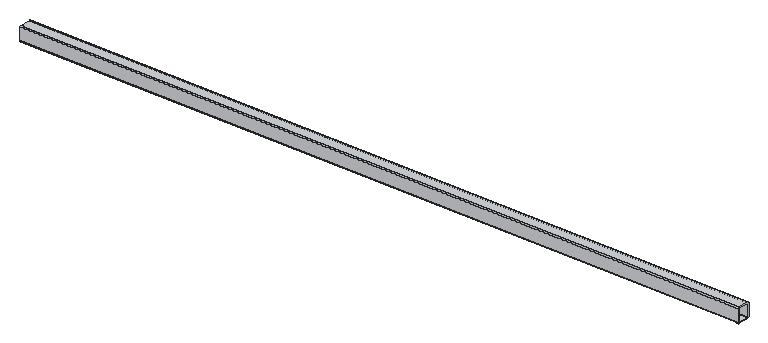
Revit family "CENTUM Profil XL 120s 6m L2D", category HLS-Bauteile, Revit 2023
Family settings
  Bemaßung runder Anschluss = Durchmesser verwenden
  Teiletyp = Normal
  Arbeitsebenenbasiert = Ja
  Immer vertikal = Nein
  Beim Laden mit Abzugskörper schneiden = Nein
  Beschriftungsausrichtung beibehalten = Nein
  Gemeinsam genutzt = Ja
  Raumberechnungspunkt = Nein
Parameters (values of type "CENTUM Profil XL120s L=6000 L2D")
  vpe = "6"
  Widerstandsmoment Wz = "56.88 cm³"
  Widerstandsmoment Wy = "62.12 cm³"
  Default Elevation = 1219.2 mm
  Trägheitsradius iz = "4.03 cm"
  Trägheitsradius iy = "4.61 cm"
  Torsionswiderstandsmoment Wt = "109.25 cm³"
  Stärke = 5 mm
  Streckgrenze = "235 N/mm²"
  Schwerpunktabstand ez = " cm"
  Schwerpunktabstand eu = " cm"
  Schwerpunktabstand eo = " cm"
  Schlitzbreite = " mm"
  Regelhalter [instance] = ""
  Profiltyp = "XL 120s"
  Profil = "CENTUM"
  Oberflaeche = "feuerstückverzinkt"
  Montagelänge [instance] = 6000 mm
  Mengeneinheit = "m"
  Materialname = "S275"
  Material = "Stahl"
  Länge = 6000 mm
  Lochdurchmesser = " mm"
  Langloch = "14.0 x 65.0 mm"
  Kurztext2 = "100 / 120 / 5 mm L= 6 m fsv"
  Kurztext1 = "Montageprofil CENTUM XL 120s"
  Höhe = "120 mm"
  Gewicht pro Stück [instance] = (Gewicht * Montagelänge / (1000 mm * 1000 mm)) * 1000 mm  # 88.98 kg
  Gewicht pro Bauteil [instance] = Gewicht pro Stück  # 88.98 kg
  Gewicht = 14.83 kg
  Gesamtlänge [instance] = Montagelänge  # 6000 mm
  Gesamtgewicht [instance] = Gewicht pro Bauteil  # 88.98 kg
  Fläche (schwächster Profilquerschnitt) = 0.001755 m²
  Firma = "MEFA Befestigungs- und Montagesysteme GmbH"
  Fabrikat = "MEFA"
  Erweiterung Langloch = " mm"
  EAN = "4250928449382"
  Bund = "72 m"
  Breite = 100 mm
  Artikelnummer = "16012061"
  Anzahl Langloch [instance] = Montagelänge / 80 mm  # 75
  Abmessung = "100/120/5.0 mm"
Reference planes
  plane 1 "Mitte (Vorne/hinten)": y = 0
  plane 2: z = 0
  plane 3 "Mitte (Links/rechts)": x = 0
  plane 4: x = 6000
Forms (mm)
  Extrusion 1, solid, detail levels fine
    sketch origin (0, 0, 0) x (0, 1, 0) y (0, 0, 1)
      loop
        arc (44, 0) -> (48.243, 1.757) -> (50, 6) r 6
        line (50, 6) -> (50, 114)
        arc (50, 114) -> (48.243, 118.243) -> (44, 120) r 6
        line (44, 120) -> (-44, 120)
        arc (-44, 120) -> (-48.243, 118.243) -> (-50, 114) r 6
        line (-50, 114) -> (-50, 6)
        arc (-50, 6) -> (-48.243, 1.757) -> (-44, 0) r 6
        line (-44, 0) -> (44, 0)
      loop
        line (-45, 114) -> (-45, 6)
        arc (-45, 6) -> (-44.707, 5.293) -> (-44, 5) r 1
        line (-44, 5) -> (44, 5)
        arc (44, 5) -> (44.707, 5.293) -> (45, 6) r 1
        line (45, 6) -> (45, 114)
        arc (45, 114) -> (44.707, 114.707) -> (44, 115) r 1
        line (44, 115) -> (-44, 115)
        arc (-44, 115) -> (-44.707, 114.707) -> (-45, 114) r 1
    from 0 to 6000
  Extrusion 2, solid, detail levels medium
    sketch origin (0, 0, 0) x (0, 1, 0) y (0, 0, 1)
      loop
        line (50, 0) -> (50, 120) -> (-50, 120) -> (-50, 0) -> (50, 0)
      loop
        line (-45, 115) -> (-45, 5) -> (45, 5) -> (45, 115) -> (-45, 115)
    from 0 to 6000
  Extrusion 3, solid, detail levels coarse
    sketch origin (0, 0, 0) x (0, 1, 0) y (0, 0, 1)
      loop
        line (50, 0) -> (50, 120) -> (-50, 120) -> (-50, 0) -> (50, 0)
    from 0 to 6000
Lines and regions (mm)
  model lines
    curve 1: line (0, 0, 130) -> (0, 0, -10)
    curve 2: line (0, 60, 60) -> (0, -60, 60)
  model lines, not visible
    curve 3: line (0, 0, 60) -> (200, 0, 60)
Dimensions and locks
  "Montagelänge": plane 4 to plane 3 "Mitte (Links/rechts)"
  equal spacing: group 1, group 2, group 3, group 4, group 5, group 6, group 7, group 8, group 9, group 10, group 11, group 12, group 13, group 14, group 15, group 16, group 17, group 18, group 19, group 20, group 21, group 22, group 23, group 24, group 25, group 26, group 27, group 28, group 29, group 30, group 31, group 32, group 33, group 34, group 35, group 36, group 37, group 38, group 39, group 40, group 41, group 42, group 43, group 44, group 45, group 46, group 47, group 48, group 49, group 50, group 51, group 52, group 53, group 54, group 55, group 56, group 57, group 58, group 59, group 60, group 61, group 62, group 63, group 64, group 65, group 66, group 67, group 68, group 69, group 70, group 71, group 72, group 73, group 74, group 75  (x3)
  aligned and locked: level to plane 2
  aligned and locked: plane 4 to Extrusion 1
  aligned and locked: Extrusion 3 to Extrusion 1
  aligned and locked: Extrusion 2 to Extrusion 1
  aligned and locked: plane 1 "Mitte (Vorne/hinten)" to nested 3
  aligned and locked: nested 1 to nested 3  (x2)
  aligned and locked: nested 4 to curve 3
  aligned and locked: nested 2 to nested 4  (x2)
  aligned and locked: nested 5 to nested 7  (x2)
  aligned and locked: nested 6 to nested 8  (x2)
  aligned and locked: nested 9 to nested 11  (x2)
  aligned and locked: nested 10 to nested 12  (x2)
  aligned and locked: nested 13 to nested 15  (x2)
  aligned and locked: nested 14 to nested 16  (x2)
  aligned and locked: nested 17 to nested 19  (x2)
  aligned and locked: nested 18 to nested 20  (x2)
  aligned and locked: nested 21 to nested 23  (x2)
  aligned and locked: nested 22 to nested 24  (x2)
  aligned and locked: nested 25 to nested 27  (x2)
  aligned and locked: nested 26 to nested 28  (x2)
  aligned and locked: nested 29 to nested 31  (x2)
  aligned and locked: nested 30 to nested 32  (x2)
  aligned and locked: nested 33 to nested 35  (x2)
  aligned and locked: nested 34 to nested 36  (x2)
  aligned and locked: nested 37 to nested 39  (x2)
  aligned and locked: nested 38 to nested 40  (x2)
  aligned and locked: nested 41 to nested 43  (x2)
  aligned and locked: nested 42 to nested 44  (x2)
  aligned and locked: nested 45 to nested 47  (x2)
  aligned and locked: nested 46 to nested 48  (x2)
  aligned and locked: nested 49 to nested 51  (x2)
  aligned and locked: nested 50 to nested 52  (x2)
  aligned and locked: nested 53 to nested 55  (x2)
  aligned and locked: nested 54 to nested 56  (x2)
  aligned and locked: nested 57 to nested 59  (x2)
  aligned and locked: nested 58 to nested 60  (x2)
  aligned and locked: nested 61 to nested 63  (x2)
  aligned and locked: nested 62 to nested 64  (x2)
  aligned and locked: nested 65 to nested 67  (x2)
  aligned and locked: nested 66 to nested 68  (x2)
  aligned and locked: nested 69 to nested 71  (x2)
  aligned and locked: nested 70 to nested 72  (x2)
  aligned and locked: nested 73 to nested 75  (x2)
  aligned and locked: nested 74 to nested 76  (x2)
  aligned and locked: nested 77 to nested 79  (x2)
  aligned and locked: nested 78 to nested 80  (x2)
  aligned and locked: nested 81 to nested 83  (x2)
  aligned and locked: nested 82 to nested 84  (x2)
  aligned and locked: nested 85 to nested 87  (x2)
  aligned and locked: nested 86 to nested 88  (x2)
  aligned and locked: nested 89 to nested 91  (x2)
  aligned and locked: nested 90 to nested 92  (x2)
  aligned and locked: nested 93 to nested 95  (x2)
  aligned and locked: nested 94 to nested 96  (x2)
  aligned and locked: nested 97 to nested 99  (x2)
  aligned and locked: nested 98 to nested 100  (x2)
  aligned and locked: nested 101 to nested 103  (x2)
  aligned and locked: nested 102 to nested 104  (x2)
  aligned and locked: nested 105 to nested 107  (x2)
  aligned and locked: nested 106 to nested 108  (x2)
  aligned and locked: nested 109 to nested 111  (x2)
  aligned and locked: nested 110 to nested 112  (x2)
  aligned and locked: nested 113 to nested 115  (x2)
  aligned and locked: nested 114 to nested 116  (x2)
  aligned and locked: nested 117 to nested 119  (x2)
  aligned and locked: nested 118 to nested 120  (x2)
  aligned and locked: nested 121 to nested 123  (x2)
  aligned and locked: nested 122 to nested 124  (x2)
  aligned and locked: nested 125 to nested 127  (x2)
  aligned and locked: nested 126 to nested 128  (x2)
  aligned and locked: nested 129 to nested 131  (x2)
  aligned and locked: nested 130 to nested 132  (x2)
  aligned and locked: nested 133 to nested 135  (x2)
  aligned and locked: nested 134 to nested 136  (x2)
  aligned and locked: nested 137 to nested 139  (x2)
  aligned and locked: nested 138 to nested 140  (x2)
  aligned and locked: nested 141 to nested 143  (x2)
  aligned and locked: nested 142 to nested 144  (x2)
  aligned and locked: nested 145 to nested 147  (x2)
  aligned and locked: nested 146 to nested 148  (x2)
  aligned and locked: nested 149 to nested 151  (x2)
  aligned and locked: nested 150 to nested 152  (x2)
  aligned and locked: nested 153 to nested 155  (x2)
  aligned and locked: nested 154 to nested 156  (x2)
  aligned and locked: nested 157 to nested 159  (x2)
  aligned and locked: nested 158 to nested 160  (x2)
  aligned and locked: nested 161 to nested 163  (x2)
  aligned and locked: nested 162 to nested 164  (x2)
  aligned and locked: nested 165 to nested 167  (x2)
  aligned and locked: nested 166 to nested 168  (x2)
  aligned and locked: nested 169 to nested 171  (x2)
  aligned and locked: nested 170 to nested 172  (x2)
  aligned and locked: nested 173 to nested 175  (x2)
  aligned and locked: nested 174 to nested 176  (x2)
  aligned and locked: nested 177 to nested 179  (x2)
  aligned and locked: nested 178 to nested 180  (x2)
  aligned and locked: nested 181 to nested 183  (x2)
  aligned and locked: nested 182 to nested 184  (x2)
  aligned and locked: nested 185 to nested 187  (x2)
  aligned and locked: nested 186 to nested 188  (x2)
  aligned and locked: nested 189 to nested 191  (x2)
  aligned and locked: nested 190 to nested 192  (x2)
  aligned and locked: nested 193 to nested 195  (x2)
  aligned and locked: nested 194 to nested 196  (x2)
  aligned and locked: nested 197 to nested 199  (x2)
  aligned and locked: nested 198 to nested 200  (x2)
  aligned and locked: nested 201 to nested 203  (x2)
  aligned and locked: nested 202 to nested 204  (x2)
  aligned and locked: nested 205 to nested 207  (x2)
  aligned and locked: nested 206 to nested 208  (x2)
  aligned and locked: nested 209 to nested 211  (x2)
  aligned and locked: nested 210 to nested 212  (x2)
  aligned and locked: nested 213 to nested 215  (x2)
  aligned and locked: nested 214 to nested 216  (x2)
  aligned and locked: nested 217 to nested 219  (x2)
  aligned and locked: nested 218 to nested 220  (x2)
  aligned and locked: nested 221 to nested 223  (x2)
  aligned and locked: nested 222 to nested 224  (x2)
  aligned and locked: nested 225 to nested 227  (x2)
  aligned and locked: nested 226 to nested 228  (x2)
  aligned and locked: nested 229 to nested 231  (x2)
  aligned and locked: nested 230 to nested 232  (x2)
  aligned and locked: nested 233 to nested 235  (x2)
  aligned and locked: nested 234 to nested 236  (x2)
  aligned and locked: nested 237 to nested 239  (x2)
  aligned and locked: nested 238 to nested 240  (x2)
  aligned and locked: nested 241 to nested 243  (x2)
  aligned and locked: nested 242 to nested 244  (x2)
  aligned and locked: nested 245 to nested 247  (x2)
  aligned and locked: nested 246 to nested 248  (x2)
  aligned and locked: nested 249 to nested 251  (x2)
  aligned and locked: nested 250 to nested 252  (x2)
  aligned and locked: nested 253 to nested 255  (x2)
  aligned and locked: nested 254 to nested 256  (x2)
  aligned and locked: nested 257 to nested 259  (x2)
  aligned and locked: nested 258 to nested 260  (x2)
  aligned and locked: nested 261 to nested 263  (x2)
  aligned and locked: nested 262 to nested 264  (x2)
  aligned and locked: nested 265 to nested 267  (x2)
  aligned and locked: nested 266 to nested 268  (x2)
  aligned and locked: nested 269 to nested 271  (x2)
  aligned and locked: nested 270 to nested 272  (x2)
  aligned and locked: nested 273 to nested 275  (x2)
  aligned and locked: nested 274 to nested 276  (x2)
  aligned and locked: nested 277 to nested 279  (x2)
  aligned and locked: nested 278 to nested 280  (x2)
  aligned and locked: nested 281 to nested 283  (x2)
  aligned and locked: nested 282 to nested 284  (x2)
  aligned and locked: nested 285 to nested 287  (x2)
  aligned and locked: nested 286 to nested 288  (x2)
  aligned and locked: nested 289 to nested 291  (x2)
  aligned and locked: nested 290 to nested 292  (x2)
  aligned and locked: nested 293 to nested 295  (x2)
  aligned and locked: nested 294 to nested 296  (x2)
  aligned and locked: nested 297 to nested 299  (x2)
  aligned and locked: nested 298 to nested 300  (x2)
Automatic sketch dimensions
  Extrusion 1 sketch curve to level = 0 mm
  level to Extrusion 1 sketch curve = 6 mm  (x2)
  plane 1 "Mitte (Vorne/hinten)" to Extrusion 1 sketch curve = 50 mm
  Extrusion 1 sketch curve to plane 1 "Mitte (Vorne/hinten)" = 44 mm  (x2)
  Extrusion 1 sketch curve to Extrusion 1 sketch curve = 108 mm
  Extrusion 1 sketch curve to Extrusion 1 sketch curve = 0 mm  (x7)
  Extrusion 1 sketch curve to Extrusion 1 sketch curve = 5 mm
  Extrusion 1 sketch curve to Extrusion 1 sketch curve = 1 mm
  curve 1 to plane 1 "Mitte (Vorne/hinten)" = 0 mm
  curve 1 to level = 10 mm
  plane 1 "Mitte (Vorne/hinten)" to curve 2 = 60 mm
  curve 2 to plane 1 "Mitte (Vorne/hinten)" = 60 mm
  level to curve 2 = 60 mm
  curve 2 to curve 1 = 70 mm
  level to Extrusion 2 sketch curve = 0 mm
  plane 1 "Mitte (Vorne/hinten)" to Extrusion 2 sketch curve = 50 mm
  Extrusion 2 sketch curve to plane 1 "Mitte (Vorne/hinten)" = 45 mm
  Extrusion 2 sketch curve to Extrusion 2 sketch curve = 120 mm
  Extrusion 2 sketch curve to Extrusion 2 sketch curve = 5 mm  (x4)
  Extrusion 3 sketch curve to level = 0 mm
  plane 1 "Mitte (Vorne/hinten)" to Extrusion 3 sketch curve = 50 mm
  Extrusion 3 sketch curve to plane 1 "Mitte (Vorne/hinten)" = 50 mm
  level to Extrusion 3 sketch curve = 120 mm
  curve 3 to plane 3 "Mitte (Links/rechts)" = 0 mm
  plane 3 "Mitte (Links/rechts)" to curve 3 = 200 mm
Nested families
  nested 1: "Langloch 14 x 65 2D" at (40, 0, 120) x (-1, 0, 0) z (0, 0, 1), type "Langloch 14 x 65 2D", detail levels fine
  nested 2: "Langloch 14 x 65 2D" at (40, -50, 60) x (-1, 0, 0) z (0, -1, 0), type "Langloch 14 x 65 2D", detail levels fine
  nested 3: "Langloch 14 x 65 2D" at (40, 0, 0) x (-1, 0, 0) z (0, 0, -1), type "Langloch 14 x 65 2D", detail levels fine
  nested 4: "Langloch 14 x 65 2D" at (40, 50, 60) x (-1, 0, 0) z (0, 1, 0), type "Langloch 14 x 65 2D", detail levels fine
  nested 5: "Langloch 14 x 65 2D" at (120, 0, 120) x (-1, 0, 0) z (0, 0, 1), type "Langloch 14 x 65 2D", detail levels fine
  nested 6: "Langloch 14 x 65 2D" at (120, -50, 60) x (-1, 0, 0) z (0, -1, 0), type "Langloch 14 x 65 2D", detail levels fine
  nested 7: "Langloch 14 x 65 2D" at (120, 0, 0) x (-1, 0, 0) z (0, 0, -1), type "Langloch 14 x 65 2D", detail levels fine
  nested 8: "Langloch 14 x 65 2D" at (120, 50, 60) x (-1, 0, 0) z (0, 1, 0), type "Langloch 14 x 65 2D", detail levels fine
  nested 9: "Langloch 14 x 65 2D" at (200, 0, 120) x (-1, 0, 0) z (0, 0, 1), type "Langloch 14 x 65 2D", detail levels fine
  nested 10: "Langloch 14 x 65 2D" at (200, -50, 60) x (-1, 0, 0) z (0, -1, 0), type "Langloch 14 x 65 2D", detail levels fine
  nested 11: "Langloch 14 x 65 2D" at (200, 0, 0) x (-1, 0, 0) z (0, 0, -1), type "Langloch 14 x 65 2D", detail levels fine
  nested 12: "Langloch 14 x 65 2D" at (200, 50, 60) x (-1, 0, 0) z (0, 1, 0), type "Langloch 14 x 65 2D", detail levels fine
  nested 13: "Langloch 14 x 65 2D" at (280, 0, 120) x (-1, 0, 0) z (0, 0, 1), type "Langloch 14 x 65 2D", detail levels fine
  nested 14: "Langloch 14 x 65 2D" at (280, -50, 60) x (-1, 0, 0) z (0, -1, 0), type "Langloch 14 x 65 2D", detail levels fine
  nested 15: "Langloch 14 x 65 2D" at (280, 0, 0) x (-1, 0, 0) z (0, 0, -1), type "Langloch 14 x 65 2D", detail levels fine
  nested 16: "Langloch 14 x 65 2D" at (280, 50, 60) x (-1, 0, 0) z (0, 1, 0), type "Langloch 14 x 65 2D", detail levels fine
  nested 17: "Langloch 14 x 65 2D" at (360, 0, 120) x (-1, 0, 0) z (0, 0, 1), type "Langloch 14 x 65 2D", detail levels fine
  nested 18: "Langloch 14 x 65 2D" at (360, -50, 60) x (-1, 0, 0) z (0, -1, 0), type "Langloch 14 x 65 2D", detail levels fine
  nested 19: "Langloch 14 x 65 2D" at (360, 0, 0) x (-1, 0, 0) z (0, 0, -1), type "Langloch 14 x 65 2D", detail levels fine
  nested 20: "Langloch 14 x 65 2D" at (360, 50, 60) x (-1, 0, 0) z (0, 1, 0), type "Langloch 14 x 65 2D", detail levels fine
  nested 21: "Langloch 14 x 65 2D" at (440, 0, 120) x (-1, 0, 0) z (0, 0, 1), type "Langloch 14 x 65 2D", detail levels fine
  nested 22: "Langloch 14 x 65 2D" at (440, -50, 60) x (-1, 0, 0) z (0, -1, 0), type "Langloch 14 x 65 2D", detail levels fine
  nested 23: "Langloch 14 x 65 2D" at (440, 0, 0) x (-1, 0, 0) z (0, 0, -1), type "Langloch 14 x 65 2D", detail levels fine
  nested 24: "Langloch 14 x 65 2D" at (440, 50, 60) x (-1, 0, 0) z (0, 1, 0), type "Langloch 14 x 65 2D", detail levels fine
  nested 25: "Langloch 14 x 65 2D" at (520, 0, 120) x (-1, 0, 0) z (0, 0, 1), type "Langloch 14 x 65 2D", detail levels fine
  nested 26: "Langloch 14 x 65 2D" at (520, -50, 60) x (-1, 0, 0) z (0, -1, 0), type "Langloch 14 x 65 2D", detail levels fine
  nested 27: "Langloch 14 x 65 2D" at (520, 0, 0) x (-1, 0, 0) z (0, 0, -1), type "Langloch 14 x 65 2D", detail levels fine
  nested 28: "Langloch 14 x 65 2D" at (520, 50, 60) x (-1, 0, 0) z (0, 1, 0), type "Langloch 14 x 65 2D", detail levels fine
  nested 29: "Langloch 14 x 65 2D" at (600, 0, 120) x (-1, 0, 0) z (0, 0, 1), type "Langloch 14 x 65 2D", detail levels fine
  nested 30: "Langloch 14 x 65 2D" at (600, -50, 60) x (-1, 0, 0) z (0, -1, 0), type "Langloch 14 x 65 2D", detail levels fine
  nested 31: "Langloch 14 x 65 2D" at (600, 0, 0) x (-1, 0, 0) z (0, 0, -1), type "Langloch 14 x 65 2D", detail levels fine
  nested 32: "Langloch 14 x 65 2D" at (600, 50, 60) x (-1, 0, 0) z (0, 1, 0), type "Langloch 14 x 65 2D", detail levels fine
  nested 33: "Langloch 14 x 65 2D" at (680, 0, 120) x (-1, 0, 0) z (0, 0, 1), type "Langloch 14 x 65 2D", detail levels fine
  nested 34: "Langloch 14 x 65 2D" at (680, -50, 60) x (-1, 0, 0) z (0, -1, 0), type "Langloch 14 x 65 2D", detail levels fine
  nested 35: "Langloch 14 x 65 2D" at (680, 0, 0) x (-1, 0, 0) z (0, 0, -1), type "Langloch 14 x 65 2D", detail levels fine
  nested 36: "Langloch 14 x 65 2D" at (680, 50, 60) x (-1, 0, 0) z (0, 1, 0), type "Langloch 14 x 65 2D", detail levels fine
  nested 37: "Langloch 14 x 65 2D" at (760, 0, 120) x (-1, 0, 0) z (0, 0, 1), type "Langloch 14 x 65 2D", detail levels fine
  nested 38: "Langloch 14 x 65 2D" at (760, -50, 60) x (-1, 0, 0) z (0, -1, 0), type "Langloch 14 x 65 2D", detail levels fine
  nested 39: "Langloch 14 x 65 2D" at (760, 0, 0) x (-1, 0, 0) z (0, 0, -1), type "Langloch 14 x 65 2D", detail levels fine
  nested 40: "Langloch 14 x 65 2D" at (760, 50, 60) x (-1, 0, 0) z (0, 1, 0), type "Langloch 14 x 65 2D", detail levels fine
  nested 41: "Langloch 14 x 65 2D" at (840, 0, 120) x (-1, 0, 0) z (0, 0, 1), type "Langloch 14 x 65 2D", detail levels fine
  nested 42: "Langloch 14 x 65 2D" at (840, -50, 60) x (-1, 0, 0) z (0, -1, 0), type "Langloch 14 x 65 2D", detail levels fine
  nested 43: "Langloch 14 x 65 2D" at (840, 0, 0) x (-1, 0, 0) z (0, 0, -1), type "Langloch 14 x 65 2D", detail levels fine
  nested 44: "Langloch 14 x 65 2D" at (840, 50, 60) x (-1, 0, 0) z (0, 1, 0), type "Langloch 14 x 65 2D", detail levels fine
  nested 45: "Langloch 14 x 65 2D" at (920, 0, 120) x (-1, 0, 0) z (0, 0, 1), type "Langloch 14 x 65 2D", detail levels fine
  nested 46: "Langloch 14 x 65 2D" at (920, -50, 60) x (-1, 0, 0) z (0, -1, 0), type "Langloch 14 x 65 2D", detail levels fine
  nested 47: "Langloch 14 x 65 2D" at (920, 0, 0) x (-1, 0, 0) z (0, 0, -1), type "Langloch 14 x 65 2D", detail levels fine
  nested 48: "Langloch 14 x 65 2D" at (920, 50, 60) x (-1, 0, 0) z (0, 1, 0), type "Langloch 14 x 65 2D", detail levels fine
  nested 49: "Langloch 14 x 65 2D" at (1000, 0, 120) x (-1, 0, 0) z (0, 0, 1), type "Langloch 14 x 65 2D", detail levels fine
  nested 50: "Langloch 14 x 65 2D" at (1000, -50, 60) x (-1, 0, 0) z (0, -1, 0), type "Langloch 14 x 65 2D", detail levels fine
  nested 51: "Langloch 14 x 65 2D" at (1000, 0, 0) x (-1, 0, 0) z (0, 0, -1), type "Langloch 14 x 65 2D", detail levels fine
  nested 52: "Langloch 14 x 65 2D" at (1000, 50, 60) x (-1, 0, 0) z (0, 1, 0), type "Langloch 14 x 65 2D", detail levels fine
  nested 53: "Langloch 14 x 65 2D" at (1080, 0, 120) x (-1, 0, 0) z (0, 0, 1), type "Langloch 14 x 65 2D", detail levels fine
  nested 54: "Langloch 14 x 65 2D" at (1080, -50, 60) x (-1, 0, 0) z (0, -1, 0), type "Langloch 14 x 65 2D", detail levels fine
  nested 55: "Langloch 14 x 65 2D" at (1080, 0, 0) x (-1, 0, 0) z (0, 0, -1), type "Langloch 14 x 65 2D", detail levels fine
  nested 56: "Langloch 14 x 65 2D" at (1080, 50, 60) x (-1, 0, 0) z (0, 1, 0), type "Langloch 14 x 65 2D", detail levels fine
  nested 57: "Langloch 14 x 65 2D" at (1160, 0, 120) x (-1, 0, 0) z (0, 0, 1), type "Langloch 14 x 65 2D", detail levels fine
  nested 58: "Langloch 14 x 65 2D" at (1160, -50, 60) x (-1, 0, 0) z (0, -1, 0), type "Langloch 14 x 65 2D", detail levels fine
  nested 59: "Langloch 14 x 65 2D" at (1160, 0, 0) x (-1, 0, 0) z (0, 0, -1), type "Langloch 14 x 65 2D", detail levels fine
  nested 60: "Langloch 14 x 65 2D" at (1160, 50, 60) x (-1, 0, 0) z (0, 1, 0), type "Langloch 14 x 65 2D", detail levels fine
  nested 61: "Langloch 14 x 65 2D" at (1240, 0, 120) x (-1, 0, 0) z (0, 0, 1), type "Langloch 14 x 65 2D", detail levels fine
  nested 62: "Langloch 14 x 65 2D" at (1240, -50, 60) x (-1, 0, 0) z (0, -1, 0), type "Langloch 14 x 65 2D", detail levels fine
  nested 63: "Langloch 14 x 65 2D" at (1240, 0, 0) x (-1, 0, 0) z (0, 0, -1), type "Langloch 14 x 65 2D", detail levels fine
  nested 64: "Langloch 14 x 65 2D" at (1240, 50, 60) x (-1, 0, 0) z (0, 1, 0), type "Langloch 14 x 65 2D", detail levels fine
  nested 65: "Langloch 14 x 65 2D" at (1320, 0, 120) x (-1, 0, 0) z (0, 0, 1), type "Langloch 14 x 65 2D", detail levels fine
  nested 66: "Langloch 14 x 65 2D" at (1320, -50, 60) x (-1, 0, 0) z (0, -1, 0), type "Langloch 14 x 65 2D", detail levels fine
  nested 67: "Langloch 14 x 65 2D" at (1320, 0, 0) x (-1, 0, 0) z (0, 0, -1), type "Langloch 14 x 65 2D", detail levels fine
  nested 68: "Langloch 14 x 65 2D" at (1320, 50, 60) x (-1, 0, 0) z (0, 1, 0), type "Langloch 14 x 65 2D", detail levels fine
  nested 69: "Langloch 14 x 65 2D" at (1400, 0, 120) x (-1, 0, 0) z (0, 0, 1), type "Langloch 14 x 65 2D", detail levels fine
  nested 70: "Langloch 14 x 65 2D" at (1400, -50, 60) x (-1, 0, 0) z (0, -1, 0), type "Langloch 14 x 65 2D", detail levels fine
  nested 71: "Langloch 14 x 65 2D" at (1400, 0, 0) x (-1, 0, 0) z (0, 0, -1), type "Langloch 14 x 65 2D", detail levels fine
  nested 72: "Langloch 14 x 65 2D" at (1400, 50, 60) x (-1, 0, 0) z (0, 1, 0), type "Langloch 14 x 65 2D", detail levels fine
  nested 73: "Langloch 14 x 65 2D" at (1480, 0, 120) x (-1, 0, 0) z (0, 0, 1), type "Langloch 14 x 65 2D", detail levels fine
  nested 74: "Langloch 14 x 65 2D" at (1480, -50, 60) x (-1, 0, 0) z (0, -1, 0), type "Langloch 14 x 65 2D", detail levels fine
  nested 75: "Langloch 14 x 65 2D" at (1480, 0, 0) x (-1, 0, 0) z (0, 0, -1), type "Langloch 14 x 65 2D", detail levels fine
  nested 76: "Langloch 14 x 65 2D" at (1480, 50, 60) x (-1, 0, 0) z (0, 1, 0), type "Langloch 14 x 65 2D", detail levels fine
  nested 77: "Langloch 14 x 65 2D" at (1560, 0, 120) x (-1, 0, 0) z (0, 0, 1), type "Langloch 14 x 65 2D", detail levels fine
  nested 78: "Langloch 14 x 65 2D" at (1560, -50, 60) x (-1, 0, 0) z (0, -1, 0), type "Langloch 14 x 65 2D", detail levels fine
  nested 79: "Langloch 14 x 65 2D" at (1560, 0, 0) x (-1, 0, 0) z (0, 0, -1), type "Langloch 14 x 65 2D", detail levels fine
  nested 80: "Langloch 14 x 65 2D" at (1560, 50, 60) x (-1, 0, 0) z (0, 1, 0), type "Langloch 14 x 65 2D", detail levels fine
  nested 81: "Langloch 14 x 65 2D" at (1640, 0, 120) x (-1, 0, 0) z (0, 0, 1), type "Langloch 14 x 65 2D", detail levels fine
  nested 82: "Langloch 14 x 65 2D" at (1640, -50, 60) x (-1, 0, 0) z (0, -1, 0), type "Langloch 14 x 65 2D", detail levels fine
  nested 83: "Langloch 14 x 65 2D" at (1640, 0, 0) x (-1, 0, 0) z (0, 0, -1), type "Langloch 14 x 65 2D", detail levels fine
  nested 84: "Langloch 14 x 65 2D" at (1640, 50, 60) x (-1, 0, 0) z (0, 1, 0), type "Langloch 14 x 65 2D", detail levels fine
  nested 85: "Langloch 14 x 65 2D" at (1720, 0, 120) x (-1, 0, 0) z (0, 0, 1), type "Langloch 14 x 65 2D", detail levels fine
  nested 86: "Langloch 14 x 65 2D" at (1720, -50, 60) x (-1, 0, 0) z (0, -1, 0), type "Langloch 14 x 65 2D", detail levels fine
  nested 87: "Langloch 14 x 65 2D" at (1720, 0, 0) x (-1, 0, 0) z (0, 0, -1), type "Langloch 14 x 65 2D", detail levels fine
  nested 88: "Langloch 14 x 65 2D" at (1720, 50, 60) x (-1, 0, 0) z (0, 1, 0), type "Langloch 14 x 65 2D", detail levels fine
  nested 89: "Langloch 14 x 65 2D" at (1800, 0, 120) x (-1, 0, 0) z (0, 0, 1), type "Langloch 14 x 65 2D", detail levels fine
  nested 90: "Langloch 14 x 65 2D" at (1800, -50, 60) x (-1, 0, 0) z (0, -1, 0), type "Langloch 14 x 65 2D", detail levels fine
  nested 91: "Langloch 14 x 65 2D" at (1800, 0, 0) x (-1, 0, 0) z (0, 0, -1), type "Langloch 14 x 65 2D", detail levels fine
  nested 92: "Langloch 14 x 65 2D" at (1800, 50, 60) x (-1, 0, 0) z (0, 1, 0), type "Langloch 14 x 65 2D", detail levels fine
  nested 93: "Langloch 14 x 65 2D" at (1880, 0, 120) x (-1, 0, 0) z (0, 0, 1), type "Langloch 14 x 65 2D", detail levels fine
  nested 94: "Langloch 14 x 65 2D" at (1880, -50, 60) x (-1, 0, 0) z (0, -1, 0), type "Langloch 14 x 65 2D", detail levels fine
  nested 95: "Langloch 14 x 65 2D" at (1880, 0, 0) x (-1, 0, 0) z (0, 0, -1), type "Langloch 14 x 65 2D", detail levels fine
  nested 96: "Langloch 14 x 65 2D" at (1880, 50, 60) x (-1, 0, 0) z (0, 1, 0), type "Langloch 14 x 65 2D", detail levels fine
  nested 97: "Langloch 14 x 65 2D" at (1960, 0, 120) x (-1, 0, 0) z (0, 0, 1), type "Langloch 14 x 65 2D", detail levels fine
  nested 98: "Langloch 14 x 65 2D" at (1960, -50, 60) x (-1, 0, 0) z (0, -1, 0), type "Langloch 14 x 65 2D", detail levels fine
  nested 99: "Langloch 14 x 65 2D" at (1960, 0, 0) x (-1, 0, 0) z (0, 0, -1), type "Langloch 14 x 65 2D", detail levels fine
  nested 100: "Langloch 14 x 65 2D" at (1960, 50, 60) x (-1, 0, 0) z (0, 1, 0), type "Langloch 14 x 65 2D", detail levels fine
  nested 101: "Langloch 14 x 65 2D" at (2040, 0, 120) x (-1, 0, 0) z (0, 0, 1), type "Langloch 14 x 65 2D", detail levels fine
  nested 102: "Langloch 14 x 65 2D" at (2040, -50, 60) x (-1, 0, 0) z (0, -1, 0), type "Langloch 14 x 65 2D", detail levels fine
  nested 103: "Langloch 14 x 65 2D" at (2040, 0, 0) x (-1, 0, 0) z (0, 0, -1), type "Langloch 14 x 65 2D", detail levels fine
  nested 104: "Langloch 14 x 65 2D" at (2040, 50, 60) x (-1, 0, 0) z (0, 1, 0), type "Langloch 14 x 65 2D", detail levels fine
  nested 105: "Langloch 14 x 65 2D" at (2120, 0, 120) x (-1, 0, 0) z (0, 0, 1), type "Langloch 14 x 65 2D", detail levels fine
  nested 106: "Langloch 14 x 65 2D" at (2120, -50, 60) x (-1, 0, 0) z (0, -1, 0), type "Langloch 14 x 65 2D", detail levels fine
  nested 107: "Langloch 14 x 65 2D" at (2120, 0, 0) x (-1, 0, 0) z (0, 0, -1), type "Langloch 14 x 65 2D", detail levels fine
  nested 108: "Langloch 14 x 65 2D" at (2120, 50, 60) x (-1, 0, 0) z (0, 1, 0), type "Langloch 14 x 65 2D", detail levels fine
  nested 109: "Langloch 14 x 65 2D" at (2200, 0, 120) x (-1, 0, 0) z (0, 0, 1), type "Langloch 14 x 65 2D", detail levels fine
  nested 110: "Langloch 14 x 65 2D" at (2200, -50, 60) x (-1, 0, 0) z (0, -1, 0), type "Langloch 14 x 65 2D", detail levels fine
  nested 111: "Langloch 14 x 65 2D" at (2200, 0, 0) x (-1, 0, 0) z (0, 0, -1), type "Langloch 14 x 65 2D", detail levels fine
  nested 112: "Langloch 14 x 65 2D" at (2200, 50, 60) x (-1, 0, 0) z (0, 1, 0), type "Langloch 14 x 65 2D", detail levels fine
  nested 113: "Langloch 14 x 65 2D" at (2280, 0, 120) x (-1, 0, 0) z (0, 0, 1), type "Langloch 14 x 65 2D", detail levels fine
  nested 114: "Langloch 14 x 65 2D" at (2280, -50, 60) x (-1, 0, 0) z (0, -1, 0), type "Langloch 14 x 65 2D", detail levels fine
  nested 115: "Langloch 14 x 65 2D" at (2280, 0, 0) x (-1, 0, 0) z (0, 0, -1), type "Langloch 14 x 65 2D", detail levels fine
  nested 116: "Langloch 14 x 65 2D" at (2280, 50, 60) x (-1, 0, 0) z (0, 1, 0), type "Langloch 14 x 65 2D", detail levels fine
  nested 117: "Langloch 14 x 65 2D" at (2360, 0, 120) x (-1, 0, 0) z (0, 0, 1), type "Langloch 14 x 65 2D", detail levels fine
  nested 118: "Langloch 14 x 65 2D" at (2360, -50, 60) x (-1, 0, 0) z (0, -1, 0), type "Langloch 14 x 65 2D", detail levels fine
  nested 119: "Langloch 14 x 65 2D" at (2360, 0, 0) x (-1, 0, 0) z (0, 0, -1), type "Langloch 14 x 65 2D", detail levels fine
  nested 120: "Langloch 14 x 65 2D" at (2360, 50, 60) x (-1, 0, 0) z (0, 1, 0), type "Langloch 14 x 65 2D", detail levels fine
  nested 121: "Langloch 14 x 65 2D" at (2440, 0, 120) x (-1, 0, 0) z (0, 0, 1), type "Langloch 14 x 65 2D", detail levels fine
  nested 122: "Langloch 14 x 65 2D" at (2440, -50, 60) x (-1, 0, 0) z (0, -1, 0), type "Langloch 14 x 65 2D", detail levels fine
  nested 123: "Langloch 14 x 65 2D" at (2440, 0, 0) x (-1, 0, 0) z (0, 0, -1), type "Langloch 14 x 65 2D", detail levels fine
  nested 124: "Langloch 14 x 65 2D" at (2440, 50, 60) x (-1, 0, 0) z (0, 1, 0), type "Langloch 14 x 65 2D", detail levels fine
  nested 125: "Langloch 14 x 65 2D" at (2520, 0, 120) x (-1, 0, 0) z (0, 0, 1), type "Langloch 14 x 65 2D", detail levels fine
  nested 126: "Langloch 14 x 65 2D" at (2520, -50, 60) x (-1, 0, 0) z (0, -1, 0), type "Langloch 14 x 65 2D", detail levels fine
  nested 127: "Langloch 14 x 65 2D" at (2520, 0, 0) x (-1, 0, 0) z (0, 0, -1), type "Langloch 14 x 65 2D", detail levels fine
  nested 128: "Langloch 14 x 65 2D" at (2520, 50, 60) x (-1, 0, 0) z (0, 1, 0), type "Langloch 14 x 65 2D", detail levels fine
  nested 129: "Langloch 14 x 65 2D" at (2600, 0, 120) x (-1, 0, 0) z (0, 0, 1), type "Langloch 14 x 65 2D", detail levels fine
  nested 130: "Langloch 14 x 65 2D" at (2600, -50, 60) x (-1, 0, 0) z (0, -1, 0), type "Langloch 14 x 65 2D", detail levels fine
  nested 131: "Langloch 14 x 65 2D" at (2600, 0, 0) x (-1, 0, 0) z (0, 0, -1), type "Langloch 14 x 65 2D", detail levels fine
  nested 132: "Langloch 14 x 65 2D" at (2600, 50, 60) x (-1, 0, 0) z (0, 1, 0), type "Langloch 14 x 65 2D", detail levels fine
  nested 133: "Langloch 14 x 65 2D" at (2680, 0, 120) x (-1, 0, 0) z (0, 0, 1), type "Langloch 14 x 65 2D", detail levels fine
  nested 134: "Langloch 14 x 65 2D" at (2680, -50, 60) x (-1, 0, 0) z (0, -1, 0), type "Langloch 14 x 65 2D", detail levels fine
  nested 135: "Langloch 14 x 65 2D" at (2680, 0, 0) x (-1, 0, 0) z (0, 0, -1), type "Langloch 14 x 65 2D", detail levels fine
  nested 136: "Langloch 14 x 65 2D" at (2680, 50, 60) x (-1, 0, 0) z (0, 1, 0), type "Langloch 14 x 65 2D", detail levels fine
  nested 137: "Langloch 14 x 65 2D" at (2760, 0, 120) x (-1, 0, 0) z (0, 0, 1), type "Langloch 14 x 65 2D", detail levels fine
  nested 138: "Langloch 14 x 65 2D" at (2760, -50, 60) x (-1, 0, 0) z (0, -1, 0), type "Langloch 14 x 65 2D", detail levels fine
  nested 139: "Langloch 14 x 65 2D" at (2760, 0, 0) x (-1, 0, 0) z (0, 0, -1), type "Langloch 14 x 65 2D", detail levels fine
  nested 140: "Langloch 14 x 65 2D" at (2760, 50, 60) x (-1, 0, 0) z (0, 1, 0), type "Langloch 14 x 65 2D", detail levels fine
  nested 141: "Langloch 14 x 65 2D" at (2840, 0, 120) x (-1, 0, 0) z (0, 0, 1), type "Langloch 14 x 65 2D", detail levels fine
  nested 142: "Langloch 14 x 65 2D" at (2840, -50, 60) x (-1, 0, 0) z (0, -1, 0), type "Langloch 14 x 65 2D", detail levels fine
  nested 143: "Langloch 14 x 65 2D" at (2840, 0, 0) x (-1, 0, 0) z (0, 0, -1), type "Langloch 14 x 65 2D", detail levels fine
  nested 144: "Langloch 14 x 65 2D" at (2840, 50, 60) x (-1, 0, 0) z (0, 1, 0), type "Langloch 14 x 65 2D", detail levels fine
  nested 145: "Langloch 14 x 65 2D" at (2920, 0, 120) x (-1, 0, 0) z (0, 0, 1), type "Langloch 14 x 65 2D", detail levels fine
  nested 146: "Langloch 14 x 65 2D" at (2920, -50, 60) x (-1, 0, 0) z (0, -1, 0), type "Langloch 14 x 65 2D", detail levels fine
  nested 147: "Langloch 14 x 65 2D" at (2920, 0, 0) x (-1, 0, 0) z (0, 0, -1), type "Langloch 14 x 65 2D", detail levels fine
  nested 148: "Langloch 14 x 65 2D" at (2920, 50, 60) x (-1, 0, 0) z (0, 1, 0), type "Langloch 14 x 65 2D", detail levels fine
  nested 149: "Langloch 14 x 65 2D" at (3000, 0, 120) x (-1, 0, 0) z (0, 0, 1), type "Langloch 14 x 65 2D", detail levels fine
  nested 150: "Langloch 14 x 65 2D" at (3000, -50, 60) x (-1, 0, 0) z (0, -1, 0), type "Langloch 14 x 65 2D", detail levels fine
  nested 151: "Langloch 14 x 65 2D" at (3000, 0, 0) x (-1, 0, 0) z (0, 0, -1), type "Langloch 14 x 65 2D", detail levels fine
  nested 152: "Langloch 14 x 65 2D" at (3000, 50, 60) x (-1, 0, 0) z (0, 1, 0), type "Langloch 14 x 65 2D", detail levels fine
  nested 153: "Langloch 14 x 65 2D" at (3080, 0, 120) x (-1, 0, 0) z (0, 0, 1), type "Langloch 14 x 65 2D", detail levels fine
  nested 154: "Langloch 14 x 65 2D" at (3080, -50, 60) x (-1, 0, 0) z (0, -1, 0), type "Langloch 14 x 65 2D", detail levels fine
  nested 155: "Langloch 14 x 65 2D" at (3080, 0, 0) x (-1, 0, 0) z (0, 0, -1), type "Langloch 14 x 65 2D", detail levels fine
  nested 156: "Langloch 14 x 65 2D" at (3080, 50, 60) x (-1, 0, 0) z (0, 1, 0), type "Langloch 14 x 65 2D", detail levels fine
  nested 157: "Langloch 14 x 65 2D" at (3160, 0, 120) x (-1, 0, 0) z (0, 0, 1), type "Langloch 14 x 65 2D", detail levels fine
  nested 158: "Langloch 14 x 65 2D" at (3160, -50, 60) x (-1, 0, 0) z (0, -1, 0), type "Langloch 14 x 65 2D", detail levels fine
  nested 159: "Langloch 14 x 65 2D" at (3160, 0, 0) x (-1, 0, 0) z (0, 0, -1), type "Langloch 14 x 65 2D", detail levels fine
  nested 160: "Langloch 14 x 65 2D" at (3160, 50, 60) x (-1, 0, 0) z (0, 1, 0), type "Langloch 14 x 65 2D", detail levels fine
  nested 161: "Langloch 14 x 65 2D" at (3240, 0, 120) x (-1, 0, 0) z (0, 0, 1), type "Langloch 14 x 65 2D", detail levels fine
  nested 162: "Langloch 14 x 65 2D" at (3240, -50, 60) x (-1, 0, 0) z (0, -1, 0), type "Langloch 14 x 65 2D", detail levels fine
  nested 163: "Langloch 14 x 65 2D" at (3240, 0, 0) x (-1, 0, 0) z (0, 0, -1), type "Langloch 14 x 65 2D", detail levels fine
  nested 164: "Langloch 14 x 65 2D" at (3240, 50, 60) x (-1, 0, 0) z (0, 1, 0), type "Langloch 14 x 65 2D", detail levels fine
  nested 165: "Langloch 14 x 65 2D" at (3320, 0, 120) x (-1, 0, 0) z (0, 0, 1), type "Langloch 14 x 65 2D", detail levels fine
  nested 166: "Langloch 14 x 65 2D" at (3320, -50, 60) x (-1, 0, 0) z (0, -1, 0), type "Langloch 14 x 65 2D", detail levels fine
  nested 167: "Langloch 14 x 65 2D" at (3320, 0, 0) x (-1, 0, 0) z (0, 0, -1), type "Langloch 14 x 65 2D", detail levels fine
  nested 168: "Langloch 14 x 65 2D" at (3320, 50, 60) x (-1, 0, 0) z (0, 1, 0), type "Langloch 14 x 65 2D", detail levels fine
  nested 169: "Langloch 14 x 65 2D" at (3400, 0, 120) x (-1, 0, 0) z (0, 0, 1), type "Langloch 14 x 65 2D", detail levels fine
  nested 170: "Langloch 14 x 65 2D" at (3400, -50, 60) x (-1, 0, 0) z (0, -1, 0), type "Langloch 14 x 65 2D", detail levels fine
  nested 171: "Langloch 14 x 65 2D" at (3400, 0, 0) x (-1, 0, 0) z (0, 0, -1), type "Langloch 14 x 65 2D", detail levels fine
  nested 172: "Langloch 14 x 65 2D" at (3400, 50, 60) x (-1, 0, 0) z (0, 1, 0), type "Langloch 14 x 65 2D", detail levels fine
  nested 173: "Langloch 14 x 65 2D" at (3480, 0, 120) x (-1, 0, 0) z (0, 0, 1), type "Langloch 14 x 65 2D", detail levels fine
  nested 174: "Langloch 14 x 65 2D" at (3480, -50, 60) x (-1, 0, 0) z (0, -1, 0), type "Langloch 14 x 65 2D", detail levels fine
  nested 175: "Langloch 14 x 65 2D" at (3480, 0, 0) x (-1, 0, 0) z (0, 0, -1), type "Langloch 14 x 65 2D", detail levels fine
  nested 176: "Langloch 14 x 65 2D" at (3480, 50, 60) x (-1, 0, 0) z (0, 1, 0), type "Langloch 14 x 65 2D", detail levels fine
  nested 177: "Langloch 14 x 65 2D" at (3560, 0, 120) x (-1, 0, 0) z (0, 0, 1), type "Langloch 14 x 65 2D", detail levels fine
  nested 178: "Langloch 14 x 65 2D" at (3560, -50, 60) x (-1, 0, 0) z (0, -1, 0), type "Langloch 14 x 65 2D", detail levels fine
  nested 179: "Langloch 14 x 65 2D" at (3560, 0, 0) x (-1, 0, 0) z (0, 0, -1), type "Langloch 14 x 65 2D", detail levels fine
  nested 180: "Langloch 14 x 65 2D" at (3560, 50, 60) x (-1, 0, 0) z (0, 1, 0), type "Langloch 14 x 65 2D", detail levels fine
  nested 181: "Langloch 14 x 65 2D" at (3640, 0, 120) x (-1, 0, 0) z (0, 0, 1), type "Langloch 14 x 65 2D", detail levels fine
  nested 182: "Langloch 14 x 65 2D" at (3640, -50, 60) x (-1, 0, 0) z (0, -1, 0), type "Langloch 14 x 65 2D", detail levels fine
  nested 183: "Langloch 14 x 65 2D" at (3640, 0, 0) x (-1, 0, 0) z (0, 0, -1), type "Langloch 14 x 65 2D", detail levels fine
  nested 184: "Langloch 14 x 65 2D" at (3640, 50, 60) x (-1, 0, 0) z (0, 1, 0), type "Langloch 14 x 65 2D", detail levels fine
  nested 185: "Langloch 14 x 65 2D" at (3720, 0, 120) x (-1, 0, 0) z (0, 0, 1), type "Langloch 14 x 65 2D", detail levels fine
  nested 186: "Langloch 14 x 65 2D" at (3720, -50, 60) x (-1, 0, 0) z (0, -1, 0), type "Langloch 14 x 65 2D", detail levels fine
  nested 187: "Langloch 14 x 65 2D" at (3720, 0, 0) x (-1, 0, 0) z (0, 0, -1), type "Langloch 14 x 65 2D", detail levels fine
  nested 188: "Langloch 14 x 65 2D" at (3720, 50, 60) x (-1, 0, 0) z (0, 1, 0), type "Langloch 14 x 65 2D", detail levels fine
  nested 189: "Langloch 14 x 65 2D" at (3800, 0, 120) x (-1, 0, 0) z (0, 0, 1), type "Langloch 14 x 65 2D", detail levels fine
  nested 190: "Langloch 14 x 65 2D" at (3800, -50, 60) x (-1, 0, 0) z (0, -1, 0), type "Langloch 14 x 65 2D", detail levels fine
  nested 191: "Langloch 14 x 65 2D" at (3800, 0, 0) x (-1, 0, 0) z (0, 0, -1), type "Langloch 14 x 65 2D", detail levels fine
  nested 192: "Langloch 14 x 65 2D" at (3800, 50, 60) x (-1, 0, 0) z (0, 1, 0), type "Langloch 14 x 65 2D", detail levels fine
  nested 193: "Langloch 14 x 65 2D" at (3880, 0, 120) x (-1, 0, 0) z (0, 0, 1), type "Langloch 14 x 65 2D", detail levels fine
  nested 194: "Langloch 14 x 65 2D" at (3880, -50, 60) x (-1, 0, 0) z (0, -1, 0), type "Langloch 14 x 65 2D", detail levels fine
  nested 195: "Langloch 14 x 65 2D" at (3880, 0, 0) x (-1, 0, 0) z (0, 0, -1), type "Langloch 14 x 65 2D", detail levels fine
  nested 196: "Langloch 14 x 65 2D" at (3880, 50, 60) x (-1, 0, 0) z (0, 1, 0), type "Langloch 14 x 65 2D", detail levels fine
  nested 197: "Langloch 14 x 65 2D" at (3960, 0, 120) x (-1, 0, 0) z (0, 0, 1), type "Langloch 14 x 65 2D", detail levels fine
  nested 198: "Langloch 14 x 65 2D" at (3960, -50, 60) x (-1, 0, 0) z (0, -1, 0), type "Langloch 14 x 65 2D", detail levels fine
  nested 199: "Langloch 14 x 65 2D" at (3960, 0, 0) x (-1, 0, 0) z (0, 0, -1), type "Langloch 14 x 65 2D", detail levels fine
  nested 200: "Langloch 14 x 65 2D" at (3960, 50, 60) x (-1, 0, 0) z (0, 1, 0), type "Langloch 14 x 65 2D", detail levels fine
  nested 201: "Langloch 14 x 65 2D" at (4040, 0, 120) x (-1, 0, 0) z (0, 0, 1), type "Langloch 14 x 65 2D", detail levels fine
  nested 202: "Langloch 14 x 65 2D" at (4040, -50, 60) x (-1, 0, 0) z (0, -1, 0), type "Langloch 14 x 65 2D", detail levels fine
  nested 203: "Langloch 14 x 65 2D" at (4040, 0, 0) x (-1, 0, 0) z (0, 0, -1), type "Langloch 14 x 65 2D", detail levels fine
  nested 204: "Langloch 14 x 65 2D" at (4040, 50, 60) x (-1, 0, 0) z (0, 1, 0), type "Langloch 14 x 65 2D", detail levels fine
  nested 205: "Langloch 14 x 65 2D" at (4120, 0, 120) x (-1, 0, 0) z (0, 0, 1), type "Langloch 14 x 65 2D", detail levels fine
  nested 206: "Langloch 14 x 65 2D" at (4120, -50, 60) x (-1, 0, 0) z (0, -1, 0), type "Langloch 14 x 65 2D", detail levels fine
  nested 207: "Langloch 14 x 65 2D" at (4120, 0, 0) x (-1, 0, 0) z (0, 0, -1), type "Langloch 14 x 65 2D", detail levels fine
  nested 208: "Langloch 14 x 65 2D" at (4120, 50, 60) x (-1, 0, 0) z (0, 1, 0), type "Langloch 14 x 65 2D", detail levels fine
  nested 209: "Langloch 14 x 65 2D" at (4200, 0, 120) x (-1, 0, 0) z (0, 0, 1), type "Langloch 14 x 65 2D", detail levels fine
  nested 210: "Langloch 14 x 65 2D" at (4200, -50, 60) x (-1, 0, 0) z (0, -1, 0), type "Langloch 14 x 65 2D", detail levels fine
  nested 211: "Langloch 14 x 65 2D" at (4200, 0, 0) x (-1, 0, 0) z (0, 0, -1), type "Langloch 14 x 65 2D", detail levels fine
  nested 212: "Langloch 14 x 65 2D" at (4200, 50, 60) x (-1, 0, 0) z (0, 1, 0), type "Langloch 14 x 65 2D", detail levels fine
  nested 213: "Langloch 14 x 65 2D" at (4280, 0, 120) x (-1, 0, 0) z (0, 0, 1), type "Langloch 14 x 65 2D", detail levels fine
  nested 214: "Langloch 14 x 65 2D" at (4280, -50, 60) x (-1, 0, 0) z (0, -1, 0), type "Langloch 14 x 65 2D", detail levels fine
  nested 215: "Langloch 14 x 65 2D" at (4280, 0, 0) x (-1, 0, 0) z (0, 0, -1), type "Langloch 14 x 65 2D", detail levels fine
  nested 216: "Langloch 14 x 65 2D" at (4280, 50, 60) x (-1, 0, 0) z (0, 1, 0), type "Langloch 14 x 65 2D", detail levels fine
  nested 217: "Langloch 14 x 65 2D" at (4360, 0, 120) x (-1, 0, 0) z (0, 0, 1), type "Langloch 14 x 65 2D", detail levels fine
  nested 218: "Langloch 14 x 65 2D" at (4360, -50, 60) x (-1, 0, 0) z (0, -1, 0), type "Langloch 14 x 65 2D", detail levels fine
  nested 219: "Langloch 14 x 65 2D" at (4360, 0, 0) x (-1, 0, 0) z (0, 0, -1), type "Langloch 14 x 65 2D", detail levels fine
  nested 220: "Langloch 14 x 65 2D" at (4360, 50, 60) x (-1, 0, 0) z (0, 1, 0), type "Langloch 14 x 65 2D", detail levels fine
  nested 221: "Langloch 14 x 65 2D" at (4440, 0, 120) x (-1, 0, 0) z (0, 0, 1), type "Langloch 14 x 65 2D", detail levels fine
  nested 222: "Langloch 14 x 65 2D" at (4440, -50, 60) x (-1, 0, 0) z (0, -1, 0), type "Langloch 14 x 65 2D", detail levels fine
  nested 223: "Langloch 14 x 65 2D" at (4440, 0, 0) x (-1, 0, 0) z (0, 0, -1), type "Langloch 14 x 65 2D", detail levels fine
  nested 224: "Langloch 14 x 65 2D" at (4440, 50, 60) x (-1, 0, 0) z (0, 1, 0), type "Langloch 14 x 65 2D", detail levels fine
  nested 225: "Langloch 14 x 65 2D" at (4520, 0, 120) x (-1, 0, 0) z (0, 0, 1), type "Langloch 14 x 65 2D", detail levels fine
  nested 226: "Langloch 14 x 65 2D" at (4520, -50, 60) x (-1, 0, 0) z (0, -1, 0), type "Langloch 14 x 65 2D", detail levels fine
  nested 227: "Langloch 14 x 65 2D" at (4520, 0, 0) x (-1, 0, 0) z (0, 0, -1), type "Langloch 14 x 65 2D", detail levels fine
  nested 228: "Langloch 14 x 65 2D" at (4520, 50, 60) x (-1, 0, 0) z (0, 1, 0), type "Langloch 14 x 65 2D", detail levels fine
  nested 229: "Langloch 14 x 65 2D" at (4600, 0, 120) x (-1, 0, 0) z (0, 0, 1), type "Langloch 14 x 65 2D", detail levels fine
  nested 230: "Langloch 14 x 65 2D" at (4600, -50, 60) x (-1, 0, 0) z (0, -1, 0), type "Langloch 14 x 65 2D", detail levels fine
  nested 231: "Langloch 14 x 65 2D" at (4600, 0, 0) x (-1, 0, 0) z (0, 0, -1), type "Langloch 14 x 65 2D", detail levels fine
  nested 232: "Langloch 14 x 65 2D" at (4600, 50, 60) x (-1, 0, 0) z (0, 1, 0), type "Langloch 14 x 65 2D", detail levels fine
  nested 233: "Langloch 14 x 65 2D" at (4680, 0, 120) x (-1, 0, 0) z (0, 0, 1), type "Langloch 14 x 65 2D", detail levels fine
  nested 234: "Langloch 14 x 65 2D" at (4680, -50, 60) x (-1, 0, 0) z (0, -1, 0), type "Langloch 14 x 65 2D", detail levels fine
  nested 235: "Langloch 14 x 65 2D" at (4680, 0, 0) x (-1, 0, 0) z (0, 0, -1), type "Langloch 14 x 65 2D", detail levels fine
  nested 236: "Langloch 14 x 65 2D" at (4680, 50, 60) x (-1, 0, 0) z (0, 1, 0), type "Langloch 14 x 65 2D", detail levels fine
  nested 237: "Langloch 14 x 65 2D" at (4760, 0, 120) x (-1, 0, 0) z (0, 0, 1), type "Langloch 14 x 65 2D", detail levels fine
  nested 238: "Langloch 14 x 65 2D" at (4760, -50, 60) x (-1, 0, 0) z (0, -1, 0), type "Langloch 14 x 65 2D", detail levels fine
  nested 239: "Langloch 14 x 65 2D" at (4760, 0, 0) x (-1, 0, 0) z (0, 0, -1), type "Langloch 14 x 65 2D", detail levels fine
  nested 240: "Langloch 14 x 65 2D" at (4760, 50, 60) x (-1, 0, 0) z (0, 1, 0), type "Langloch 14 x 65 2D", detail levels fine
  nested 241: "Langloch 14 x 65 2D" at (4840, 0, 120) x (-1, 0, 0) z (0, 0, 1), type "Langloch 14 x 65 2D", detail levels fine
  nested 242: "Langloch 14 x 65 2D" at (4840, -50, 60) x (-1, 0, 0) z (0, -1, 0), type "Langloch 14 x 65 2D", detail levels fine
  nested 243: "Langloch 14 x 65 2D" at (4840, 0, 0) x (-1, 0, 0) z (0, 0, -1), type "Langloch 14 x 65 2D", detail levels fine
  nested 244: "Langloch 14 x 65 2D" at (4840, 50, 60) x (-1, 0, 0) z (0, 1, 0), type "Langloch 14 x 65 2D", detail levels fine
  nested 245: "Langloch 14 x 65 2D" at (4920, 0, 120) x (-1, 0, 0) z (0, 0, 1), type "Langloch 14 x 65 2D", detail levels fine
  nested 246: "Langloch 14 x 65 2D" at (4920, -50, 60) x (-1, 0, 0) z (0, -1, 0), type "Langloch 14 x 65 2D", detail levels fine
  nested 247: "Langloch 14 x 65 2D" at (4920, 0, 0) x (-1, 0, 0) z (0, 0, -1), type "Langloch 14 x 65 2D", detail levels fine
  nested 248: "Langloch 14 x 65 2D" at (4920, 50, 60) x (-1, 0, 0) z (0, 1, 0), type "Langloch 14 x 65 2D", detail levels fine
  nested 249: "Langloch 14 x 65 2D" at (5000, 0, 120) x (-1, 0, 0) z (0, 0, 1), type "Langloch 14 x 65 2D", detail levels fine
  nested 250: "Langloch 14 x 65 2D" at (5000, -50, 60) x (-1, 0, 0) z (0, -1, 0), type "Langloch 14 x 65 2D", detail levels fine
  nested 251: "Langloch 14 x 65 2D" at (5000, 0, 0) x (-1, 0, 0) z (0, 0, -1), type "Langloch 14 x 65 2D", detail levels fine
  nested 252: "Langloch 14 x 65 2D" at (5000, 50, 60) x (-1, 0, 0) z (0, 1, 0), type "Langloch 14 x 65 2D", detail levels fine
  nested 253: "Langloch 14 x 65 2D" at (5080, 0, 120) x (-1, 0, 0) z (0, 0, 1), type "Langloch 14 x 65 2D", detail levels fine
  nested 254: "Langloch 14 x 65 2D" at (5080, -50, 60) x (-1, 0, 0) z (0, -1, 0), type "Langloch 14 x 65 2D", detail levels fine
  nested 255: "Langloch 14 x 65 2D" at (5080, 0, 0) x (-1, 0, 0) z (0, 0, -1), type "Langloch 14 x 65 2D", detail levels fine
  nested 256: "Langloch 14 x 65 2D" at (5080, 50, 60) x (-1, 0, 0) z (0, 1, 0), type "Langloch 14 x 65 2D", detail levels fine
  nested 257: "Langloch 14 x 65 2D" at (5160, 0, 120) x (-1, 0, 0) z (0, 0, 1), type "Langloch 14 x 65 2D", detail levels fine
  nested 258: "Langloch 14 x 65 2D" at (5160, -50, 60) x (-1, 0, 0) z (0, -1, 0), type "Langloch 14 x 65 2D", detail levels fine
  nested 259: "Langloch 14 x 65 2D" at (5160, 0, 0) x (-1, 0, 0) z (0, 0, -1), type "Langloch 14 x 65 2D", detail levels fine
  nested 260: "Langloch 14 x 65 2D" at (5160, 50, 60) x (-1, 0, 0) z (0, 1, 0), type "Langloch 14 x 65 2D", detail levels fine
  nested 261: "Langloch 14 x 65 2D" at (5240, 0, 120) x (-1, 0, 0) z (0, 0, 1), type "Langloch 14 x 65 2D", detail levels fine
  nested 262: "Langloch 14 x 65 2D" at (5240, -50, 60) x (-1, 0, 0) z (0, -1, 0), type "Langloch 14 x 65 2D", detail levels fine
  nested 263: "Langloch 14 x 65 2D" at (5240, 0, 0) x (-1, 0, 0) z (0, 0, -1), type "Langloch 14 x 65 2D", detail levels fine
  nested 264: "Langloch 14 x 65 2D" at (5240, 50, 60) x (-1, 0, 0) z (0, 1, 0), type "Langloch 14 x 65 2D", detail levels fine
  nested 265: "Langloch 14 x 65 2D" at (5320, 0, 120) x (-1, 0, 0) z (0, 0, 1), type "Langloch 14 x 65 2D", detail levels fine
  nested 266: "Langloch 14 x 65 2D" at (5320, -50, 60) x (-1, 0, 0) z (0, -1, 0), type "Langloch 14 x 65 2D", detail levels fine
  nested 267: "Langloch 14 x 65 2D" at (5320, 0, 0) x (-1, 0, 0) z (0, 0, -1), type "Langloch 14 x 65 2D", detail levels fine
  nested 268: "Langloch 14 x 65 2D" at (5320, 50, 60) x (-1, 0, 0) z (0, 1, 0), type "Langloch 14 x 65 2D", detail levels fine
  nested 269: "Langloch 14 x 65 2D" at (5400, 0, 120) x (-1, 0, 0) z (0, 0, 1), type "Langloch 14 x 65 2D", detail levels fine
  nested 270: "Langloch 14 x 65 2D" at (5400, -50, 60) x (-1, 0, 0) z (0, -1, 0), type "Langloch 14 x 65 2D", detail levels fine
  nested 271: "Langloch 14 x 65 2D" at (5400, 0, 0) x (-1, 0, 0) z (0, 0, -1), type "Langloch 14 x 65 2D", detail levels fine
  nested 272: "Langloch 14 x 65 2D" at (5400, 50, 60) x (-1, 0, 0) z (0, 1, 0), type "Langloch 14 x 65 2D", detail levels fine
  nested 273: "Langloch 14 x 65 2D" at (5480, 0, 120) x (-1, 0, 0) z (0, 0, 1), type "Langloch 14 x 65 2D", detail levels fine
  nested 274: "Langloch 14 x 65 2D" at (5480, -50, 60) x (-1, 0, 0) z (0, -1, 0), type "Langloch 14 x 65 2D", detail levels fine
  nested 275: "Langloch 14 x 65 2D" at (5480, 0, 0) x (-1, 0, 0) z (0, 0, -1), type "Langloch 14 x 65 2D", detail levels fine
  nested 276: "Langloch 14 x 65 2D" at (5480, 50, 60) x (-1, 0, 0) z (0, 1, 0), type "Langloch 14 x 65 2D", detail levels fine
  nested 277: "Langloch 14 x 65 2D" at (5560, 0, 120) x (-1, 0, 0) z (0, 0, 1), type "Langloch 14 x 65 2D", detail levels fine
  nested 278: "Langloch 14 x 65 2D" at (5560, -50, 60) x (-1, 0, 0) z (0, -1, 0), type "Langloch 14 x 65 2D", detail levels fine
  nested 279: "Langloch 14 x 65 2D" at (5560, 0, 0) x (-1, 0, 0) z (0, 0, -1), type "Langloch 14 x 65 2D", detail levels fine
  nested 280: "Langloch 14 x 65 2D" at (5560, 50, 60) x (-1, 0, 0) z (0, 1, 0), type "Langloch 14 x 65 2D", detail levels fine
  nested 281: "Langloch 14 x 65 2D" at (5640, 0, 120) x (-1, 0, 0) z (0, 0, 1), type "Langloch 14 x 65 2D", detail levels fine
  nested 282: "Langloch 14 x 65 2D" at (5640, -50, 60) x (-1, 0, 0) z (0, -1, 0), type "Langloch 14 x 65 2D", detail levels fine
  nested 283: "Langloch 14 x 65 2D" at (5640, 0, 0) x (-1, 0, 0) z (0, 0, -1), type "Langloch 14 x 65 2D", detail levels fine
  nested 284: "Langloch 14 x 65 2D" at (5640, 50, 60) x (-1, 0, 0) z (0, 1, 0), type "Langloch 14 x 65 2D", detail levels fine
  nested 285: "Langloch 14 x 65 2D" at (5720, 0, 120) x (-1, 0, 0) z (0, 0, 1), type "Langloch 14 x 65 2D", detail levels fine
  nested 286: "Langloch 14 x 65 2D" at (5720, -50, 60) x (-1, 0, 0) z (0, -1, 0), type "Langloch 14 x 65 2D", detail levels fine
  nested 287: "Langloch 14 x 65 2D" at (5720, 0, 0) x (-1, 0, 0) z (0, 0, -1), type "Langloch 14 x 65 2D", detail levels fine
  nested 288: "Langloch 14 x 65 2D" at (5720, 50, 60) x (-1, 0, 0) z (0, 1, 0), type "Langloch 14 x 65 2D", detail levels fine
  nested 289: "Langloch 14 x 65 2D" at (5800, 0, 120) x (-1, 0, 0) z (0, 0, 1), type "Langloch 14 x 65 2D", detail levels fine
  nested 290: "Langloch 14 x 65 2D" at (5800, -50, 60) x (-1, 0, 0) z (0, -1, 0), type "Langloch 14 x 65 2D", detail levels fine
  nested 291: "Langloch 14 x 65 2D" at (5800, 0, 0) x (-1, 0, 0) z (0, 0, -1), type "Langloch 14 x 65 2D", detail levels fine
  nested 292: "Langloch 14 x 65 2D" at (5800, 50, 60) x (-1, 0, 0) z (0, 1, 0), type "Langloch 14 x 65 2D", detail levels fine
  nested 293: "Langloch 14 x 65 2D" at (5880, 0, 120) x (-1, 0, 0) z (0, 0, 1), type "Langloch 14 x 65 2D", detail levels fine
  nested 294: "Langloch 14 x 65 2D" at (5880, -50, 60) x (-1, 0, 0) z (0, -1, 0), type "Langloch 14 x 65 2D", detail levels fine
  nested 295: "Langloch 14 x 65 2D" at (5880, 0, 0) x (-1, 0, 0) z (0, 0, -1), type "Langloch 14 x 65 2D", detail levels fine
  nested 296: "Langloch 14 x 65 2D" at (5880, 50, 60) x (-1, 0, 0) z (0, 1, 0), type "Langloch 14 x 65 2D", detail levels fine
  nested 297: "Langloch 14 x 65 2D" at (5960, 0, 120) x (-1, 0, 0) z (0, 0, 1), type "Langloch 14 x 65 2D", detail levels fine
  nested 298: "Langloch 14 x 65 2D" at (5960, -50, 60) x (-1, 0, 0) z (0, -1, 0), type "Langloch 14 x 65 2D", detail levels fine
  nested 299: "Langloch 14 x 65 2D" at (5960, 0, 0) x (-1, 0, 0) z (0, 0, -1), type "Langloch 14 x 65 2D", detail levels fine
  nested 300: "Langloch 14 x 65 2D" at (5960, 50, 60) x (-1, 0, 0) z (0, 1, 0), type "Langloch 14 x 65 2D", detail levels fine
Definition of nested family "Langloch 14 x 65 2D"
  Parameters (values of type "Langloch 14 x 65 2D")
    Default Elevation = 1219.2 mm
  Reference planes
    plane 1 "Mitte (Vorne/hinten)": y = 0
    plane 2: z = 0
    plane 3 "Mitte (Links/rechts)": x = 0
  Forms (mm)
    Extrusion 1, solid
      sketch origin (0, 0, 0) x (1, 0, 0) y (0, 1, 0)
        loop
          line (-1219.2, 1219.2) -> (-1219.2, -1219.2) -> (1219.2, -1219.2) -> (1219.2, 1219.2) -> (-1219.2, 1219.2)
      from 0 to -304.8
  Lines and regions (mm)
    model lines, detail levels fine
      curve 1: line (-40, 0, 0) -> (40, 0, 0)
      curve 2: line (0, 15, 0) -> (0, -15, 0)
      curve 3: line (0, 0, 20) -> (0, 0, -20)
    model lines
      curve 4: line (0, 6.991, 0) -> (30, 6.991, 0)
      curve 5: line (0, -7.011, 0) -> (30, -7.011, 0)
      curve 6: line (0, -7.011, 0) -> (-30, -7.011, 0)
      curve 7: line (0, 6.991, 0) -> (-30, 6.991, 0)
      curve 8: line (-32.5, 4.999, 0) -> (-32.5, -5.001, 0)
      curve 9: line (32.5, -5.001, 0) -> (32.5, 4.999, 0)
      curve 10: arc (30, 6.991, 0) -> (31.598, 6.432, 0) -> (32.5, 4.999, 0) r 2.565
      curve 11: arc (30, -7.011, 0) -> (31.732, -6.605, 0) -> (32.5, -5.001, 0) r 2.058
      curve 12: arc (-30, -7.011, 0) -> (-31.604, -6.446, 0) -> (-32.5, -5.001, 0) r 2.56
      curve 13: arc (-30, 6.991, 0) -> (-31.73, 6.598, 0) -> (-32.5, 4.999, 0) r 2.044
  Dimensions and locks
    aligned and locked: plane 2 to Extrusion 1
    aligned and locked: level to Extrusion 1
